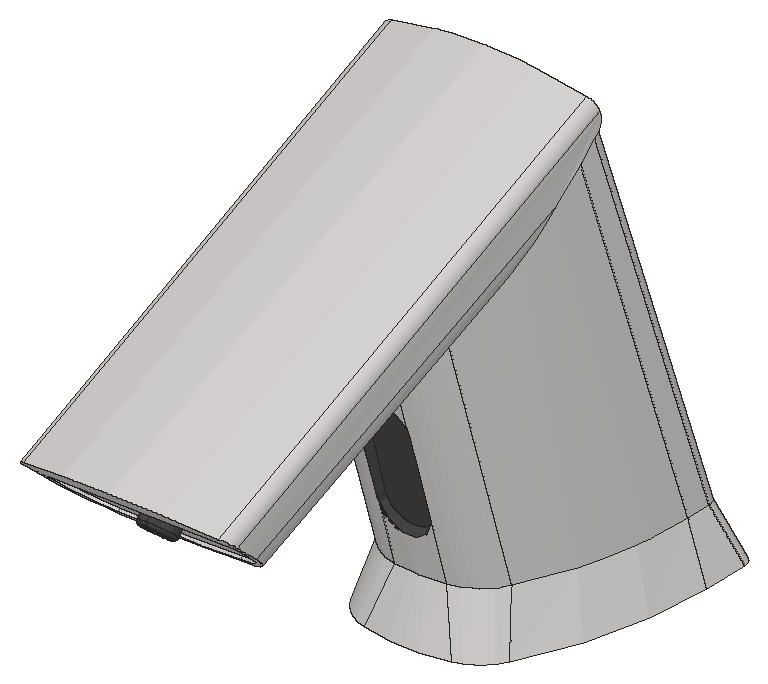
Revit family "Plumbing-Soap-Dispensers-Sloan-Valve-ESD-400_", category Specialty Equipment, host Face, Revit 2022
Family settings
  Host = Face
  Round Connector Dimension = Use Diameter
  Part Type = Normal
  OmniClass Number = 23.40.20.21.34
  OmniClass Title = Soap Holders, Dispensers
  Cut with Voids When Loaded = No
  Maintain Annotation Orientation = No
  Shared = No
  Room Calculation Point = No
Parameters (values of type "Not a Type - Load Type Catalog!")
  Width = 4 51/128"  # constant formula
  Voltage = 120 V
  Version = 2
  URL = "www.sloanvalve.com"
  Product data url = "https://bimobject.com/sloan_valve/product/soap-dispensers_sloan_esd-400"
  Product Material = Sloan Valve - Finish - Brushed Nickel
  Product Guid = ""
  Power Factor = 0.8
  Part Number = "3346081"
  Number of Poles = 3
  Model = "Model not specified - Load type catalog!"
  Manufacturer = "Sloan Valve"  # constant formula
  Keynote = "15410"
  Height = 4 51/128"  # constant formula
  Edition number = 1
  Description = "Brushed Nickel Finish, Sloan® Deck-Mounted Foam Soap Dispenser."
  Depth = 4 1/2"  # constant formula
  Default Elevation = 0"
  Date Updated = "09.12.2024"  # constant formula
  Date Created = ""
  Current = 0 A
  Assembly Code = "D2010"
  Apparent Load = (Voltage * Current) / (Power Factor * Number of Poles)  # 0 VA
Reference planes (in)
  plane 1 "Center (Front/Back)": y = 0
  plane 2: z = 0
  plane 3 "Center (Left/Right)": x = 0
Dimensions and locks (in)
  aligned and locked: plane 2 to host face
  aligned and locked: level to host face
  aligned and locked: nested 1 to plane 2
  aligned and locked: plane 1 "Center (Front/Back)" to nested 1
  aligned and locked: plane 3 "Center (Left/Right)" to nested 1
Nested families (in)
  nested 1: "Geometry" at (0, 0, 0), type "Geometry"
Connectors (in)
  electrical at (0, -1.2919, 1.50819), driven by "Number of Poles", driven by "Voltage", driven by "Apparent Load", driven by "Apparent Load", driven by "Apparent Load", driven by "Power Factor"
    settings: on nested 1, index 4, voltage 120 V, apparent load 0 VA, apparent load phase1 0 VA, apparent load phase2 0 VA, apparent load phase3 0 VA, power factor 0.8, load classification "Other", number of poles 3, system type 31, power factor state 1, is connector primary yes, connector utility no, sub classification motor no, connector description "Electrical Connection"
Definition of nested family "Geometry"
  Parameters (values of type "Geometry")
    URL = ""
    Product Material = none
    Model = ""
    Manufacturer = ""
    Description = ""
    Default Elevation = 0"
    Code Number = ""
    Assembly Code = ""
  Reference planes (in)
    plane 1 "Center (Front/Back)": y = 0
    plane 2: z = 0
    plane 3 "Center (Left/Right)": x = 0
    plane 4: y = -1.25
    plane 5: y = 1.25
    plane 6: z = 4.39844
    plane 7: y = -4
    plane 8: y = -4.5
    plane 9: x = -1.125
    plane 10: x = 1.125
    plane 11: x = -0.95312
    plane 12: x = 0.95313
    plane 13: z = 2.63976
    plane 14: through (0, -177.53606, 17.95701) normal (0, -0.0948, -0.9955)
    plane 15: through (0.94531, -177.44643, 18.89806) normal (0, -0.0948, -0.9955)
    plane 16: x = 0.25
    plane 17: x = -0.25
  Forms (in)
    Blend 1, solid, material <- "Product Material"
      base sketch origin (-2.96963, -1.07049, -0.01946) x (1, 0, 0) y (0, 1, 0)
        loop
          line (3.96963, 2.32049) -> (1.96963, 2.32049)
          arc (1.96963, 2.32049) -> (1.88124, 2.28387) -> (1.84463, 2.19549) r 0.125
          line (1.84463, 2.19549) -> (1.84463, 1.80852)
          arc (1.84463, 1.80852) -> (1.95083, 0.93886) -> (2.26319, 0.12032) r 3.61384
          arc (2.26319, 0.12032) -> (2.39554, -0.03861) -> (2.58088, -0.13038) r 0.5
          arc (2.58088, -0.13038) -> (2.96921, -0.17951) -> (3.35756, -0.13059) r 1.56256
          arc (3.35756, -0.13059) -> (3.54127, -0.04025) -> (3.67337, 0.11615) r 0.5
          arc (3.67337, 0.11615) -> (3.98768, 0.92319) -> (4.09463, 1.78265) r 3.50693
          line (4.09463, 1.78265) -> (4.09463, 2.19549)
          arc (4.09463, 2.19549) -> (4.05802, 2.28387) -> (3.96963, 2.32049) r 0.125
      top sketch origin (-2.96963, -1.07049, -0.01946) x (1, 0, 0) y (0, 1, 0)
        loop
          arc (2.0165, 1.80852) -> (2.10679, 1.02535) -> (2.3729, 0.28326) r 3.44196
          arc (2.3729, 0.28326) -> (2.52269, 0.10366) -> (2.73777, 0.01183) r 0.5
          arc (2.73777, 0.01183) -> (2.96991, -0.00764) -> (3.20204, 0.01192) r 1.39069
          arc (3.20204, 0.01192) -> (3.4153, 0.10252) -> (3.56482, 0.27954) r 0.5
          arc (3.56482, 0.27954) -> (3.83204, 1.01008) -> (3.92275, 1.78265) r 3.33506
          line (3.92275, 1.78265) -> (3.92275, 2.0135)
          arc (3.92275, 2.0135) -> (3.88614, 2.10189) -> (3.79775, 2.1385) r 0.125
          line (3.79775, 2.1385) -> (2.1415, 2.1385)
          arc (2.1415, 2.1385) -> (2.05312, 2.10189) -> (2.0165, 2.0135) r 0.125
          line (2.0165, 2.0135) -> (2.0165, 1.80852)
      from 0.01946 to 0.51946
    Blend 2, solid, material <- "Product Material"
      base sketch origin (0, 0, 0) x (1, 0, 0) y (0, 1, 0)
        loop
          arc (-0.82812, 1.06801) -> (-0.91651, 1.0314) -> (-0.95312, 0.94301) r 0.125
          line (-0.95312, 0.94301) -> (-0.95312, 0.73803)
          arc (-0.95312, 0.73803) -> (-0.86284, -0.04514) -> (-0.59673, -0.78723) r 3.44196
          arc (-0.59673, -0.78723) -> (-0.44694, -0.96682) -> (-0.23186, -1.05866) r 0.5
          arc (-0.23186, -1.05866) -> (0.00028, -1.07812) -> (0.23241, -1.05857) r 1.39069
          arc (0.23241, -1.05857) -> (0.44567, -0.96796) -> (0.59519, -0.79095) r 0.5
          arc (0.59519, -0.79095) -> (0.86241, -0.06041) -> (0.95313, 0.71217) r 3.33506
          line (0.95313, 0.71217) -> (0.95313, 0.94301)
          arc (0.95313, 0.94301) -> (0.91651, 1.0314) -> (0.82813, 1.06801) r 0.125
          line (0.82813, 1.06801) -> (-0.82812, 1.06801)
      top sketch origin (0, 0, 0) x (1, 0, 0) y (0, 1, 0)
        loop
          line (0.82813, -0.3509) -> (-0.82812, -0.3509)
          arc (-0.82812, -0.3509) -> (-0.91651, -0.38751) -> (-0.95312, -0.4759) r 0.125
          line (-0.95312, -0.4759) -> (-0.95312, -0.66338)
          spline (-0.95312, -0.66338) -> (-0.9506, -0.78108) -> (-0.94303, -0.89861) -> (-0.93045, -1.01579) -> (-0.91288, -1.13245) -> (-0.89033, -1.24843) -> (-0.86284, -1.36354) -> (-0.83043, -1.47763) -> (-0.79315, -1.59053) -> (-0.75108, -1.70208) -> (-0.70427, -1.81211) -> (-0.6528, -1.92046) -> (-0.59673, -2.02697)
          spline (-0.59673, -2.02697) -> (-0.57789, -2.05788) -> (-0.55639, -2.08734) -> (-0.53239, -2.11521) -> (-0.50604, -2.1413) -> (-0.4775, -2.16546) -> (-0.44693, -2.18754) -> (-0.4145, -2.20737) -> (-0.3804, -2.22485) -> (-0.34487, -2.23991) -> (-0.30813, -2.25245) -> (-0.27038, -2.26239) -> (-0.23186, -2.26964)
          spline (-0.23186, -2.26964) -> (-0.19345, -2.27495) -> (-0.15488, -2.2793) -> (-0.1162, -2.28269) -> (-0.07742, -2.28511) -> (-0.03859, -2.28656) -> (0.00028, -2.28704) -> (0.03914, -2.28654) -> (0.07798, -2.28508) -> (0.11675, -2.28264) -> (0.15544, -2.27924) -> (0.194, -2.27488) -> (0.23241, -2.26955)
          spline (0.23241, -2.26955) -> (0.27057, -2.26237) -> (0.30797, -2.25255) -> (0.34439, -2.24018) -> (0.37963, -2.22533) -> (0.41346, -2.20809) -> (0.44567, -2.18855) -> (0.47606, -2.16681) -> (0.50447, -2.143) -> (0.53074, -2.11729) -> (0.55472, -2.08983) -> (0.57625, -2.06078) -> (0.59519, -2.0303)
          spline (0.59519, -2.0303) -> (0.65147, -1.9256) -> (0.70315, -1.81902) -> (0.75015, -1.71072) -> (0.7924, -1.60087) -> (0.82984, -1.48964) -> (0.86241, -1.37719) -> (0.89003, -1.26369) -> (0.91268, -1.14931) -> (0.93034, -1.03423) -> (0.94298, -0.91862) -> (0.95059, -0.80265) -> (0.95313, -0.68651)
          line (0.95313, -0.68651) -> (0.95313, -0.4759)
          arc (0.95313, -0.4759) -> (0.91651, -0.38751) -> (0.82813, -0.3509) r 0.125
      from 0.5 to 4.39844
    Revolve 3, solid
      sketch origin (0, -0.14203, 0.78448) x (0, 0.951057, 0.309017) y (0, -0.309017, 0.951057)
        loop
          line (-3.07055, 2.38388) -> (-3.1044, 2.44036) -> (-3.21011, 2.37933) -> (-3.193, 2.3497)
          arc (-3.193, 2.3497) -> (-3.17504, 2.3358) -> (-3.15248, 2.33847) r 0.03
          line (-3.15248, 2.33847) -> (-3.07055, 2.38388)
        axis (-3.15038, 2.52215) -> (-3.25702, 2.46058)
      angle from 0 to 360
    Extrusion 4, void
      sketch origin (-6, -4.25825, 2.46692) x (0, -0.743145, 0.669131) y (1, 0, 0)
        loop
          line (-0.09497, 6.88541) -> (-0.29821, 6.86637)
          arc (-0.29821, 6.86637) -> (-0.55625, 6.77652) -> (-0.70648, 6.54829) r 0.42557
          spline (-0.70648, 6.54829) -> (-0.72783, 6.45869) -> (-0.74535, 6.36826) -> (-0.75901, 6.27717) -> (-0.76879, 6.18558) -> (-0.77467, 6.09367) -> (-0.77664, 6.00158) -> (-0.77467, 5.9095) -> (-0.76879, 5.81758) -> (-0.75901, 5.72599) -> (-0.74535, 5.6349) -> (-0.72783, 5.54447) -> (-0.70648, 5.45487)
          arc (-0.70648, 5.45487) -> (-0.55636, 5.2256) -> (-0.29821, 5.13363) r 0.42988
          line (-0.29821, 5.13363) -> (-0.09497, 5.1175) -> (-0.09497, 6.88541)
      from -0.04589 to 0.01374
    Extrusion 5, void
      sketch origin (-6, -0.82885, -0.42029) x (0, 1, 0) y (0, 0, 1)
        loop
          line (-2.49455, 2.03492) -> (-3.73046, 3.11173) -> (-3.91681, 3.11173) -> (-3.91681, 2.03492) -> (-2.49455, 2.03492)
      from 5.02072 to 7.07665
    Blend 6, solid, material <- "Product Material"
      base sketch origin (0, -3.68064, -0.18882) x (1, 0, 0) y (0, -0.415633, 0.909532)
        loop
          arc (-0.54309, 1.76182) -> (0, 1.70163) -> (0.54309, 1.76182) r 2.48017
          arc (0.54309, 1.76182) -> (0.80033, 1.90981) -> (0.92837, 2.17754) r 0.5
          arc (0.92837, 2.17754) -> (0.9473, 2.35329) -> (0.95301, 2.52997) r 2.3572
          arc (0.95301, 2.52997) -> (0.92925, 2.60264) -> (0.86762, 2.64788) r 0.125
          arc (0.86762, 2.64788) -> (0, 2.78895) -> (-0.86762, 2.64788) r 2.73855
          arc (-0.86762, 2.64788) -> (-0.92925, 2.60264) -> (-0.95301, 2.52997) r 0.125
          arc (-0.95301, 2.52997) -> (-0.9473, 2.35329) -> (-0.92837, 2.17754) r 2.3572
          arc (-0.92837, 2.17754) -> (-0.80033, 1.90981) -> (-0.54309, 1.76182) r 0.5
      top sketch origin (0, -3.68064, -0.18882) x (1, 0, 0) y (0, -0.415633, 0.909532)
        loop
          arc (-0.54309, 1.96179) -> (0, 1.9016) -> (0.54309, 1.96179) r 2.48017
          arc (0.54309, 1.96179) -> (0.80033, 2.10978) -> (0.92837, 2.37751) r 0.5
          arc (0.92837, 2.37751) -> (0.94437, 2.51346) -> (0.95283, 2.65009) r 2.47436
          arc (0.95283, 2.65009) -> (0.93056, 2.72568) -> (0.8675, 2.77292) r 0.125
          arc (0.8675, 2.77292) -> (0, 2.91395) -> (-0.8675, 2.77292) r 2.73855
          arc (-0.8675, 2.77292) -> (-0.93056, 2.72568) -> (-0.95283, 2.65009) r 0.125
          arc (-0.95283, 2.65009) -> (-0.94437, 2.51346) -> (-0.92837, 2.37751) r 2.47436
          arc (-0.92837, 2.37751) -> (-0.80033, 2.10978) -> (-0.54309, 1.96179) r 0.5
      from -4.97562 to -0.40419
    Extrusion 7, void
      sketch origin (0, 0, 1.99219) x (0, 1, 0) y (0, 0, 1)
        loop
          line (-0.36616, 2.44817) -> (-0.26304, 2.16484)
          arc (-0.26304, 2.16484) -> (-0.25423, 2.08505) -> (-0.28315, 2.01016) r 0.16943
          line (-0.28315, 2.01016) -> (-1.73212, 0.67665) -> (0.29027, 1.44621) -> (0.29027, 2.44817) -> (-0.36616, 2.44817)
      from -1.125 to 1.125
    Extrusion 8, void
      sketch origin (0, 1, 1.99219) x (0, 1, 0) y (0, 0, 1)
        loop
          line (-1.26304, 2.16484) -> (-1.36616, 2.44817) -> (-3.32323, 2.44817) -> (-3.32323, 0.13264) -> (-1.28315, 2.01016)
          arc (-1.28315, 2.01016) -> (-1.25423, 2.08505) -> (-1.26304, 2.16484) r 0.16943
      from -1.125 to 1.125
    Blend 9, void
      base sketch origin (0, 0.44225, 0.48446) x (1, 0, 0) y (0, -0.275637, 0.961262)
        loop
          arc (-0.25, 1.04214) -> (0, 0.79214) -> (0.25, 1.04214) r 0.25
          line (0.25, 1.04214) -> (0.25, 1.85857)
          arc (0.25, 1.85857) -> (0, 2.10857) -> (-0.25, 1.85857) r 0.25
          line (-0.25, 1.85857) -> (-0.25, 1.04214)
      top sketch origin (0, 0.44225, 0.48446) x (1, 0, 0) y (0, -0.275637, 0.961262)
        loop
          arc (0.21875, 1.85857) -> (0, 2.07732) -> (-0.21875, 1.85857) r 0.21875
          line (-0.21875, 1.85857) -> (-0.21875, 1.06558)
          arc (-0.21875, 1.06558) -> (0, 0.84683) -> (0.21875, 1.06558) r 0.21875
          line (0.21875, 1.06558) -> (0.21875, 1.85857)
      from 1.50528 to 1.38479
  Cuts and joins
    Extrusion 7 cuts Blend 1
    Extrusion 8, Blend 9 cuts Blend 2
    joined: Blend 1, Blend 2
    Extrusion 4, Extrusion 5, Extrusion 7 cuts Blend 6
  Lines and regions (in)
    Masking region 1
      outline origin (0, 0, 0) x (1, 0, 0) y (0, 1, 0)
        loop
          line (1, 1.25) -> (-1, 1.25)
          arc (-1, 1.25) -> (-1.08839, 1.21339) -> (-1.125, 1.125) r 0.125
          line (-1.125, 1.125) -> (-1.125, 0.73803)
          arc (-1.125, 0.73803) -> (-1.08177, 0.18075) -> (-0.95312, -0.3632) r 3.61384
          line (-0.95312, -0.3632) -> (-0.95312, -4.28538)
          spline (-0.95312, -4.28538) -> (-0.95214, -4.29523) -> (-0.9503, -4.305) -> (-0.94725, -4.31459) -> (-0.94302, -4.32392) -> (-0.93765, -4.33292) -> (-0.93118, -4.34149) -> (-0.92367, -4.34956) -> (-0.91518, -4.35707) -> (-0.9058, -4.36394) -> (-0.8956, -4.37012) -> (-0.88468, -4.37555) -> (-0.87313, -4.38018)
          spline (-0.87313, -4.38018) -> (-0.73245, -4.41649) -> (-0.58915, -4.44637) -> (-0.44372, -4.46973) -> (-0.2967, -4.48647) -> (-0.14862, -4.49654) -> (0, -4.4999) -> (0.14862, -4.49654) -> (0.29671, -4.48647) -> (0.44373, -4.46973) -> (0.58915, -4.44637) -> (0.73246, -4.41649) -> (0.87313, -4.38018)
          spline (0.87313, -4.38018) -> (0.88468, -4.37555) -> (0.8956, -4.37012) -> (0.9058, -4.36394) -> (0.91518, -4.35707) -> (0.92367, -4.34956) -> (0.93118, -4.34149) -> (0.93765, -4.33292) -> (0.94302, -4.32392) -> (0.94726, -4.31459) -> (0.9503, -4.305) -> (0.95214, -4.29523) -> (0.95276, -4.28538)
          line (0.95276, -4.28538) -> (0.95313, -0.37225)
          arc (0.95313, -0.37225) -> (1.08176, 0.16319) -> (1.125, 0.71217) r 3.50693
          line (1.125, 0.71217) -> (1.125, 1.125)
          arc (1.125, 1.125) -> (1.08839, 1.21339) -> (1, 1.25) r 0.125
    symbolic lines, detail levels medium+fine
      curve 1: spline (0.86761, -0.3032, 0) -> (0.72688, -0.31787, 0) -> (0.58404, -0.32993, 0) -> (0.43952, -0.33935, 0) -> (0.29372, -0.34609, 0) -> (0.14707, -0.35015, 0) -> (0, -0.3515, 0) -> (-0.14707, -0.35015, 0) -> (-0.29372, -0.34609, 0) -> (-0.43952, -0.33935, 0) -> (-0.58404, -0.32993, 0) -> (-0.72688, -0.31787, 0) -> (-0.86761, -0.3032, 0)
      curve 2: arc (-0.86761, -0.3032, 0) -> (-0.92176, -0.31697, 0) -> (-0.95312, -0.3632, 0) r 0.0787
      curve 3: arc (0.95313, -0.37225, 0) -> (0.92483, -0.31982, 0) -> (0.86761, -0.3032, 0) r 0.07712
  Dimensions and locks (in)
    plane 5 to plane 4 = 2 1/2"
    plane 1 "Center (Front/Back)" to plane 4 = 1 1/4"
    plane 1 "Center (Front/Back)" to plane 7 = 4"
    locked: plane 1 "Center (Front/Back)" to plane 8 at 4.5
    locked: plane 6 to level at 4.39844
    locked: plane 10 to plane 9 at 2.25
    plane 12 to plane 11 = 1 29/32"
